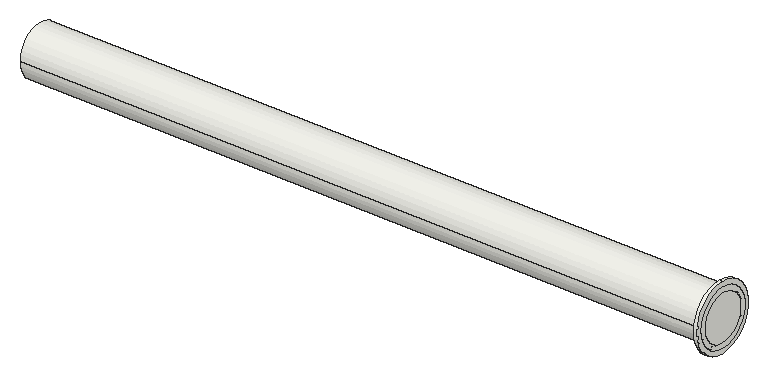
Revit family "FoFo_Tubo_PF", category Pipe Fittings, Revit 2025
Family settings
  Round Connector Dimension = Use Radius
  Part Type = Tee
  OmniClass Number = 23.60.30.11.14
  OmniClass Title = Pipework Fittings
  Work Plane-Based = No
  Always vertical = Yes
  Cut with Voids When Loaded = No
  Shared = No
Parameters (values of type "TUPF_10_0400")
  PN = "10"
  Manufacturer = "SGC"
  Loss Method = K Coefficient from Table
  K Coefficient Table = "Tee"
  Junta_1_Tipo = FoFo_Junta_Flange : FLA_10_0400
  Description = "Tubo Ponta e Flange"
  Default Elevation = 0.0 mm
  DN = "400"
  Corpo_L = 6000.0 mm
  Corpo_RE1 = 0.5 * Corpo_DE  # 214.5 mm
  Corpo_DE = 429.0 mm
Reference planes
  plane 1 "EixoP": y = 0
  plane 2: z = 0
  plane 3 "EixoS": x = 468.25
  plane 4 "EE": x = -2531.75
  plane 5 "ED": x = 3468.25
Forms (mm)
  Sweep 1, solid, material "FOFO"
    path origin (0, 0, 0) x (1, 0, 0) y (0, 1, 0)
      loop
        line (-2531.75, 0) -> (3468.25, 0)
    profile origin (468.25, 0, 0) x (0, 1, 0) y (0, 0, 1)
      loop
        circle (0, 0) r 214.5
Dimensions and locks
  "Corpo_L": plane 4 "EE" to plane 5 "ED"
  equal spacing: plane 4 "EE", plane 3 "EixoS", plane 5 "ED"
  "Corpo_RE1": radius of Sweep 1 sketch curve
  aligned and locked: Sweep 1 sketch curve to plane 1 "EixoP"
  aligned and locked: plane 5 "ED" to Sweep 1 sketch curve
  aligned and locked: plane 4 "EE" to Sweep 1 sketch curve
Automatic sketch dimensions
  Sweep 1 sketch curve to level = 0.0 mm
  Sweep 1 sketch curve to profile plane = 0.0 mm
Nested families
  nested 1: "FoFo_Junta_Flange" at (3468.25, 0, 0) x (0, 0, 1) z (1, 0, 0), type <- "Junta_1_Tipo", type "FLA_10_0400"
    with Furo_V 252.552 mm, Flange_RT 214.5 mm, Flange_RL 200.0 mm, Flange_RG 240.0 mm, Flange_RF 257.5 mm, Flange_RD 282.5 mm, Furo_Quant 16, Flange_MA 11.25°, Furo_H 50.236 mm, Flange_Diâmetro_Resalto 480.0 mm, Furo_Raio 12.0 mm, Furo_Diâmetro 24.0 mm, Flange_Diâmetro_Livre 400.0 mm, Flange_Diâmetro_Furação 515.0 mm, Flange_Diâmetro_Tubo 429.0 mm, Flange_Diâmetro_Externo 565.0 mm, Flange_Resalto 4.0 mm, Flange_Altura 28.0 mm
Definition of nested family "FoFo_Junta_Flange"
  Parameters (values of type "FLA_10_0080")
    PN = "10"
    Furo_V = Flange_RF * cos(Flange_MA)  # 73.91 mm
    Flange_RT = 0.5 * Flange_Diâmetro_Tubo  # 49.0 mm
    Flange_RL = 0.5 * Flange_Diâmetro_Livre  # 40.0 mm
    Flange_RG = 0.5 * Flange_Diâmetro_Resalto  # 66.0 mm
    Flange_RF = 0.5 * Flange_Diâmetro_Furação  # 80.0 mm
    Flange_RD = 0.5 * Flange_Diâmetro_Externo  # 100.0 mm
    Furo_Quant = 8
    Flange_MA = 0.5 * (360.00° / Furo_Quant)  # 22.50°
    Furo_H = Flange_RF * sin(Flange_MA)  # 30.615 mm
    Flange_Diâmetro_Resalto = 132.0 mm
    Furo_Raio = 0.5 * Furo_Diâmetro  # 8.0 mm
    Furo_Diâmetro = 16.0 mm
    Flange_Diâmetro_Livre = 80.0 mm
    Flange_Diâmetro_Furação = 160.0 mm
    Flange_Diâmetro_Tubo = 98.0 mm
    Flange_Diâmetro_Externo = 200.0 mm
    Flange_Resalto = 3.0 mm
    Flange_Altura = 19.0 mm
    Default Elevation = 0.0 mm
    DN = "80"
  Reference planes
    plane 1 "Centro (Frente/Trás)": y = 0
    plane 2: z = 0
    plane 3 "Centro (Esquerda/Direita)": x = 0
    plane 4: z = -3
    plane 5: z = -22
  Forms (mm)
    Extrusion 1, solid
      sketch origin (0, 0, 0) x (1, 0, 0) y (0, 1, 0)
        loop
          circle (0, 0) r 100
      from -22 to -3
    Extrusion 2, solid
      sketch origin (0, 0, 0) x (1, 0, 0) y (0, 1, 0)
        loop
          circle (0, 0) r 66
      from 0 to -3
    Extrusion 3, void
      sketch origin (0, 0, 0) x (1, 0, 0) y (0, 1, 0)
        loop
          circle (0, 0) r 40
      from 0 to -22
  Cuts and joins
    Extrusion 3 cuts Extrusion 1
    Extrusion 3 cuts Extrusion 2
    joined: Extrusion 1, Extrusion 2
  Lines and regions (mm)
    model lines
      curve 1: line (-40, 0, 0) -> (40, 0, 0)
      curve 2: line (0, 40, 0) -> (0, -40, 0)
  Dimensions and locks
    "Flange_Resalto": plane 2 to plane 4
    "Flange_Altura": plane 4 to plane 5
    "Flange_RD": radius of Extrusion 1 sketch curve
    "Flange_RG": radius of Extrusion 2 sketch curve
    "Flange_RL": radius of Extrusion 3 sketch curve
    aligned and locked: plane 2 to level
    aligned and locked: Extrusion 1 to plane 5
    aligned and locked: Extrusion 1 to Extrusion 3
    aligned and locked: cut or joined group of Extrusion 1, Extrusion 2, Extrusion 3 to plane 4
    aligned and locked: plane 4 to cut or joined group of Extrusion 1, Extrusion 2, Extrusion 3
  Automatic sketch dimensions
    plane 1 "Centro (Frente/Trás)" to curve 1 = 0.0 mm
    curve 1 to plane 3 "Centro (Esquerda/Direita)" = 40.0 mm
    plane 3 "Centro (Esquerda/Direita)" to curve 1 = 40.0 mm
    plane 1 "Centro (Frente/Trás)" to curve 2 = 40.0 mm
    curve 2 to plane 1 "Centro (Frente/Trás)" = 40.0 mm
    curve 2 to plane 3 "Centro (Esquerda/Direita)" = 0.0 mm
    plane 1 "Centro (Frente/Trás)" to Extrusion 1 sketch curve = 0.0 mm
    Extrusion 1 sketch curve to plane 3 "Centro (Esquerda/Direita)" = 0.0 mm
    plane 1 "Centro (Frente/Trás)" to Extrusion 2 sketch curve = 0.0 mm
    Extrusion 2 sketch curve to plane 3 "Centro (Esquerda/Direita)" = 0.0 mm
    plane 1 "Centro (Frente/Trás)" to Extrusion 3 sketch curve = 0.0 mm
    Extrusion 3 sketch curve to plane 3 "Centro (Esquerda/Direita)" = 0.0 mm
Types in the file's own list only (15): name | Junta_1_Tipo | DN | Corpo_RE1 | Corpo_DE
  TUPF_10_0080 | FoFo_Junta_Flange : FLA_10_0080 | "80" | 49.0 mm | 98.0 mm
  TUPF_10_0100 | FoFo_Junta_Flange : FLA_10_0100 | "100" | 59.0 mm | 118.0 mm
  TUPF_10_0150 | FoFo_Junta_Flange : FLA_10_0150 | "150" | 85.0 mm | 170.0 mm
  TUPF_10_0200 | FoFo_Junta_Flange : FLA_10_0200 | "200" | 111.0 mm | 222.0 mm
  TUPF_10_0250 | FoFo_Junta_Flange : FLA_10_0250 | "250" | 137.0 mm | 274.0 mm
  TUPF_10_0300 | FoFo_Junta_Flange : FLA_10_0300 | "300" | 163.0 mm | 326.0 mm
  TUPF_10_0350 | FoFo_Junta_Flange : FLA_10_0350 | "350" | 189.0 mm | 378.0 mm
  TUPF_10_0450 | FoFo_Junta_Flange : FLA_10_0450 | "450" | 240.0 mm | 480.0 mm
  TUPF_10_0500 | FoFo_Junta_Flange : FLA_10_0500 | "500" | 266.0 mm | 532.0 mm
  TUPF_10_0600 | FoFo_Junta_Flange : FLA_10_0600 | "600" | 317.5 mm | 635.0 mm
  TUPF_10_0700 | FoFo_Junta_Flange : FLA_10_0700 | "700" | 369.0 mm | 738.0 mm
  TUPF_10_0800 | FoFo_Junta_Flange : FLA_10_0800 | "800" | 421.0 mm | 842.0 mm
  TUPF_10_0900 | FoFo_Junta_Flange : FLA_10_0900 | "900" | 472.5 mm | 945.0 mm
  TUPF_10_1000 | FoFo_Junta_Flange : FLA_10_1000 | "1000" | 524.0 mm | 1048.0 mm
  TUPF_10_1200 | FoFo_Junta_Flange : FLA_10_1200 | "1200" | 627.5 mm | 1255.0 mm
